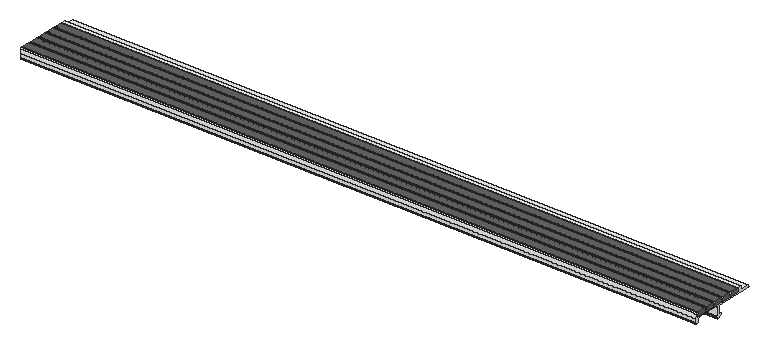
Revit family "Stair_Tread-Wooster-Supergrit_Safety_Treads-431", category Specialty Equipment, host Face, Revit 2017
Family settings
  Host = Face
  Round Connector Dimension = Use Diameter
  Part Type = Normal
  OmniClass Number = 23.30.70.21.11.11.11
  OmniClass Title = Stair Nosings
  Cut with Voids When Loaded = No
  Shared = No
  Room Calculation Point = No
Parameters (values of type "431")
  Width [instance] = 0' - 3 1/2"  # constant formula
  Version = "2017 - v2.0a"  # constant formula
  URL = "http://www.wooster-products.com/"
  Support Phone = "(224) 699-9545"  # constant formula
  Support Email = "mailto:support@anguleris.com"
  Safety Tread [instance] = Filler - Wooster - Black - Abrasive Filler
  Product Page URL = "http://www.woosterproducts.com/products/extruded-aluminum/supergrit/"
  Product Name = "Supergrit Nosings / Warning Strips"  # constant formula
  Product Documentation Link = "http://www.woosterproducts.com/spec/431.pdf"
  Model = "431"
  Material = ""
  Manufacturer Phone Number = "1-800-321-4936 or 330-264-2844"  # constant formula
  Manufacturer Fax Number = "330-262-4151"  # constant formula
  Manufacturer Email = "mailto:tim@wooster-products.com"
  Manufacturer Address = "1000 Spruce Street, P.O. BOX 6005, Wooster, OH. 44691"  # constant formula
  Manufacturer = "Wooster Productions Inc"  # constant formula
  Length Constraint [instance] = if(Length > 12' 0", 12' 0", Length)  # 3' - 0"
  Length [instance] = 3' - 0"
  Description = "Anti-Slip Stair Nosing"  # constant formula
  Depth = 0' - 0 1/4"  # constant formula
  Default Elevation = 0' - 0"  # constant formula
  Copyright = "Wooster Products Inc. 2019"  # constant formula
  Construction Type = "New Construction"  # constant formula
Values of the unnamed type that differ from the named types
  Support Email = ""
  Product Page URL = "http://www.wooster-products.com/Supergrit_Safety_Treads.html"
  Product Documentation Link = "http://wooster-products.com/pub/Specs/431.pdf"
  Manufacturer Email = ""
Reference planes (in)
  plane 1 "Center (Front/Back)": y = 0
  plane 2: z = 0
  plane 3 "Center (Left/Right)": x = 0
  plane 4 "Left": x = -18
  plane 5 "Right": x = 18
  plane 6 "Back": y = 1.75
  plane 7 "Front": y = -1.75
  plane 8 "Bottom": z = -0.23437
  plane 9: z = 0.01563
Forms (in)
  Sweep 1, solid, material "Metal - Wooster - Extruded Aluminum"
    path origin (0, 24.04593, 0.01563) x (0, 1, 0) y (-1, 0, 0)
      loop
        line (-22.29593, 18) -> (-22.29593, -18)
    profile "Aluminum Base : Aluminum Base" origin (0, 1.75, 0.01562) x (0, 1, 0) y (0, 0, 1)
      loop
        line (-1.90852, -0.25003) -> (0, -0.25003) -> (0, -0.15603) -> (-0.5, -0.15603) -> (-0.5, 0) -> (-0.718, 0) -> (-0.68739, -0.18754) -> (-1.1736, -0.18751) -> (-1.143, 0) -> (-1.268, 0) -> (-1.23739, -0.18754) -> (-1.72361, -0.18754) -> (-1.693, 0) -> (-1.818, 0) -> (-1.7874, -0.18749) -> (-2.2736, -0.18749) -> (-2.243, 0) -> (-2.368, 0) -> (-2.33739, -0.18753) -> (-2.82361, -0.18753) -> (-2.793, 0) -> (-2.918, 0) -> (-2.88739, -0.18753) -> (-3.36768, -0.18753) -> (-3.343, -0.03631)
        arc (-3.343, -0.03631) -> (-3.37002, -0.00187) -> (-3.40825, -0.0232) r 0.03369
        arc (-3.40825, -0.0232) -> (-3.44607, -0.13278) -> (-3.463, -0.24746) r 0.62498
        line (-3.463, -0.24746) -> (-3.463, -0.46077)
        arc (-3.463, -0.46077) -> (-3.43012, -0.49764) -> (-3.39312, -0.46489) r 0.035
        line (-3.39312, -0.46489) -> (-3.35706, -0.29722)
        arc (-3.35706, -0.29722) -> (-3.33027, -0.26211) -> (-3.28779, -0.25003) r 0.07
        line (-3.28779, -0.25003) -> (-2.09602, -0.25003)
        arc (-2.09602, -0.25003) -> (-2.05182, -0.26834) -> (-2.03352, -0.31253) r 0.0625
        line (-2.03352, -0.31253) -> (-2.03352, -0.76971) -> (-2.15826, -0.66998) -> (-2.15852, -0.74993) -> (-2.00227, -0.87503) -> (-1.84602, -0.74993) -> (-1.84602, -0.66977) -> (-1.97102, -0.76971) -> (-1.97102, -0.31253)
        arc (-1.97102, -0.31253) -> (-1.95271, -0.26834) -> (-1.90852, -0.25003) r 0.0625
  Sweep 2, solid, material "Filler - Wooster - Black - Abrasive Filler" <- "Safety Tread"
    path origin (0, 24.04593, 0.01563) x (0, 1, 0) y (-1, 0, 0)
      loop
        line (-22.29593, 18) -> (-22.29593, -18)
    profile "Abrasive Filler : Abrasive Filler" origin (0, 1.75, 0.01562) x (0, 1, 0) y (0, 0, 1)
      loop
        line (-1.143, 0) -> (-1.1736, -0.18751) -> (-0.68739, -0.18754) -> (-0.718, 0) -> (-0.718, 0.03125) -> (-1.143, 0.03125) -> (-1.143, 0)
      loop
        line (-1.23739, -0.18754) -> (-1.268, 0) -> (-1.268, 0.03125) -> (-1.693, 0.03125) -> (-1.693, 0) -> (-1.72361, -0.18754) -> (-1.23739, -0.18754)
      loop
        line (-2.2736, -0.18749) -> (-1.7874, -0.18749) -> (-1.818, 0) -> (-1.818, 0.03125) -> (-2.243, 0.03125) -> (-2.243, 0) -> (-2.2736, -0.18749)
      loop
        line (-2.793, 0) -> (-2.82361, -0.18753) -> (-2.33739, -0.18753) -> (-2.368, 0) -> (-2.368, 0.03125) -> (-2.793, 0.03125) -> (-2.793, 0)
      loop
        line (-3.36768, -0.18753) -> (-2.88739, -0.18753) -> (-2.918, 0) -> (-2.918, 0.03125) -> (-3.343, 0.03125) -> (-3.343, -0.03631) -> (-3.36768, -0.18753)
Lines and regions (in)
  Masking region 1
    outline origin (0, 0, 0) x (1, 0, 0) y (0, 1, 0)
      loop
        line (-18, 1.75) -> (-18, -1.75) -> (18, -1.75) -> (18, 1.75) -> (-18, 1.75)
Dimensions and locks (in)
  equal spacing: plane 4 "Left", plane 3 "Center (Left/Right)", plane 5 "Right"
  "Length Constraint": plane 4 "Left" to plane 5 "Right"
  equal spacing: plane 7 "Front", plane 1 "Center (Front/Back)", plane 6 "Back"
  "Width": plane 7 "Front" to plane 6 "Back"
  "Depth": plane 9 to plane 8 "Bottom"
  locked: plane 2 to plane 8 "Bottom" at 0.23438
  aligned and locked: plane 2 to host face
  aligned and locked: level to host face
  aligned and locked: plane 4 "Left" to Sweep 1 sketch curve
  aligned and locked: plane 5 "Right" to Sweep 1 sketch curve
  aligned and locked: Sweep 1 sketch curve to plane 6 "Back"
  aligned and locked: plane 5 "Right" to Sweep 2 sketch curve
  aligned and locked: plane 4 "Left" to Sweep 2 sketch curve
  aligned and locked: Sweep 2 sketch curve to plane 6 "Back"
  aligned and locked: plane 4 "Left" to Masking region 1 sketch curve
  aligned and locked: Masking region 1 sketch curve to plane 6 "Back"
  aligned and locked: Masking region 1 sketch curve to plane 7 "Front"
  aligned and locked: plane 5 "Right" to Masking region 1 sketch curve
Automatic sketch dimensions
  host sketch curve to host sketch curve = 8' - 0"
  host sketch curve to host sketch curve = 4' - 0"
